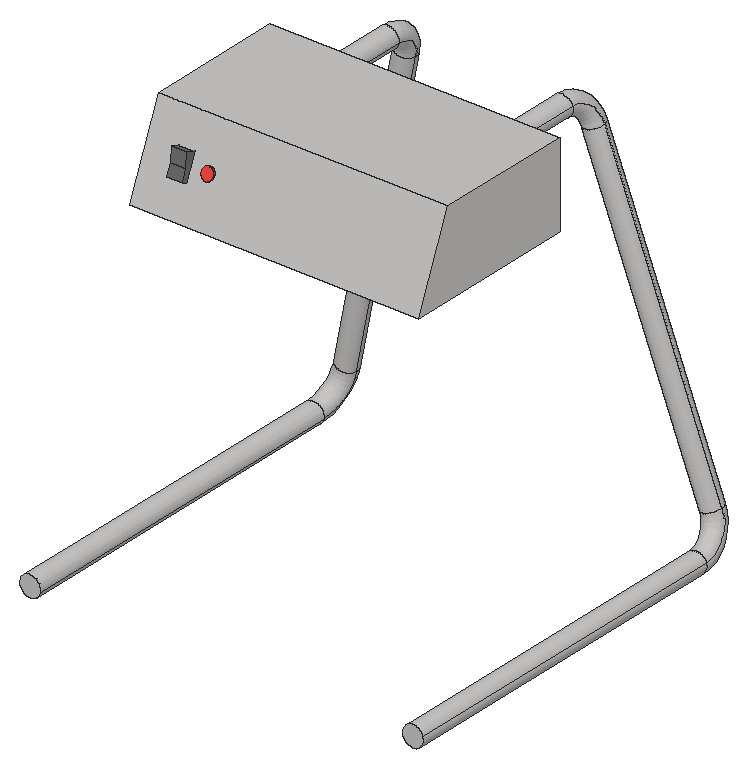
Revit family "QF_GIORIK_LSR4611", category Specialty Equipment, Revit 2014
Parameters (values of type "LSR4611")
  Weight in Pounds = 28.6601
  Watts = 400 W
  Volts = 230 V
  URL Cutsheet = "www.giorik.com"
  URL = "www.giorik.com"
  Status [instance] = ""
  Specification by User [instance] = ""
  Specification by Manufacturer = ""
  Show Logo [instance] = yes
  Show Clearance [instance] = yes
  Serial Number = ""
  Seismic Rating = ""
  SMACNA No = ""
  Revision Code [instance] = ""
  Phase = 1
  Number of Poles [instance] = 1
  NAFEM Spec ID Number = ""
  Model = "LSR4611"
  Min Ckt Ampacity = 0 A
  Max Overcurrent Protection = 0 A
  Masterspec = ""
  Manufacturer = "GIORIK"
  Item Number [instance] = ""
  Installed By [instance] = ""
  Identify Quantity as Lot [instance] = no
  HP = "0.536408000000"
  Furnished By [instance] = ""
  Foodservice Equipment Identifier [instance] = yes
  FL Amps = 0 A
  Electrical Remarks [instance] = ""
  Electric Connection Type [instance] = ""
  Elec Conn RI Height [instance] = 0 mm
  Elec Conn Connection Height [instance] = 1240 mm
  Description = "CHIPS SCUTTLES"
  Cycle = 50 Hz
  Conn Plug = ""
  CSI MasterFormat = ""
  Assembly Code = "E1090320"
  Apparent Power = 400 VA
Reference planes
  plane 1 "Back": y = 0
  plane 2: z = 0
  plane 3 "Left": x = 0
  plane 4 "Right": x = 400
  plane 5 "Front": y = -460
  plane 6 "Top": z = 1280
Forms (mm)
  Extrusion 1, solid
    sketch origin (294.136, -81.693, 20) x (0, 1, 0) y (0, 0, 1)
      loop
        line (-145, 1260) -> (-280, 1260) -> (-315, 1178) -> (-145, 1178) -> (-145, 1260)
    from -234.143 to 45.857
  Extrusion 2, solid
    sketch origin (89.994, -573.726, -4.247) x (0, 0.919724, -0.392565) y (0, 0.392565, 0.919724)
      loop
        line (-309.14, 1207.211) -> (-309.14, 1232.211) -> (-319.14, 1232.211) -> (-314.14, 1218.631) -> (-314.14, 1207.211) -> (-309.14, 1207.211)
    from 0 to 15
  Extrusion 3, solid
    sketch origin (-118.831, -858.459, 116.15) x (1, 0, 0) y (0, 0.392565, 0.919724)
      loop
        circle (241.078, 1220.887) r 6
    from 0 to 1
  Sweep 4, solid
    path origin (-212.761, 0, 29.985) x (0, 1, 0) y (0.258819, 0, 0.965926)
      loop
        line (-459.993, 880) -> (-118.016, 880)
        arc (-118.016, 880) -> (-95.693, 889.957) -> (-88.189, 913.219) r 30
        line (-88.189, 913.219) -> (-123.737, 1242.607)
        arc (-123.737, 1242.607) -> (-133.521, 1261.71) -> (-153.564, 1269.388) r 30
        line (-153.564, 1269.388) -> (-226.693, 1269.388)
    profile origin (15, -289.004, 880) x (0.258819, 0, 0.965926) y (0.965926, 0, -0.258819)
      loop
        circle (0, 0) r 10
  Sweep 5, solid
    path origin (612.748, 0, 29.985) x (0, 1, 0) y (0.258819, 0, -0.965926)
      loop
        line (-459.993, -880) -> (-118.016, -880)
        arc (-118.016, -880) -> (-95.693, -889.957) -> (-88.189, -913.219) r 30
        line (-88.189, -913.219) -> (-123.737, -1242.607)
        arc (-123.737, -1242.607) -> (-133.521, -1261.71) -> (-153.564, -1269.388) r 30
        line (-153.564, -1269.388) -> (-226.693, -1269.388)
    profile origin (384.987, -289.004, 880) x (0.258819, 0, -0.965926) y (-0.965926, 0, -0.258819)
      loop
        circle (0, 0) r 10
  Extrusion 6, solid
    sketch origin (5.484, -176.693, 1.493) x (1, 0, 0) y (0, 0, 1)
      loop
        circle (184.516, 1238.507) r 10
    from 30 to 50
Lines and regions (mm)
  symbolic lines, style "200-EquipInternal-2D"
    curve 1: line (59.994, -226.693, 1280) -> (59.994, -396.693, 1280)
    curve 2: line (339.994, -226.693, 1280) -> (59.994, -226.693, 1280)
    curve 3: line (339.994, -396.693, 1280) -> (339.994, -226.693, 1280)
    curve 4: line (59.994, -396.693, 1280) -> (339.994, -396.693, 1280)
    curve 5: line (25, -459.993, 1280) -> (5.009, -459.993, 1280)
    curve 6: line (394.978, -459.993, 1280) -> (374.987, -459.993, 1280)
    curve 7: line (25, -459.993, 1280) -> (25, -118.235, 1280)
    curve 8: line (26.701, -100.286, 1280) -> (102.937, -132.119, 1280)
    curve 9: arc (26.701, -100.286, 1280) -> (25.426, -109.22, 1280) -> (25, -118.235, 1280) r 95.545
    curve 10: arc (30.176, -80.134, 1280) -> (23.135, -78.073, 1280) -> (16.093, -80.134, 1280) r 13.059
    curve 11: arc (16.093, -80.134, 1280) -> (11.827, -84.087, 1280) -> (9.203, -89.278, 1280) r 16.445
    curve 12: arc (9.203, -89.278, 1280) -> (7.441, -95.085, 1280) -> (6.271, -101.039, 1280) r 60.369
    curve 13: arc (6.271, -101.039, 1280) -> (5.306, -110.037, 1280) -> (5.009, -119.08, 1280) r 122.357
    curve 14: line (5.009, -119.08, 1280) -> (5.009, -459.993, 1280)
    curve 15: line (30.176, -80.134, 1280) -> (113.894, -115.092, 1280)
    curve 16: arc (113.894, -115.092, 1280) -> (117.131, -117.566, 1280) -> (119.604, -120.803, 1280) r 15.372
    curve 17: arc (119.604, -120.803, 1280) -> (121.842, -125.519, 1280) -> (123.335, -130.522, 1280) r 34.14
    curve 18: line (125.769, -226.693, 1280) -> (125.769, -149.848, 1280)
    curve 19: line (125.769, -149.848, 1280) -> (125.071, -139.872, 1280)
    curve 20: line (125.071, -139.872, 1280) -> (123.335, -130.522, 1280)
    curve 21: line (105.773, -226.693, 1280) -> (105.773, -151.518, 1280)
    curve 22: line (105.773, -151.518, 1280) -> (105.667, -148.482, 1280)
    curve 23: arc (102.937, -132.119, 1280) -> (104.267, -136.598, 1280) -> (105.034, -141.206, 1280) r 37.814
    curve 24: arc (105.034, -141.206, 1280) -> (105.381, -144.841, 1280) -> (105.667, -148.482, 1280) r 221.559
    curve 25: line (374.987, -459.993, 1280) -> (394.978, -459.993, 1280)
    curve 26: line (374.987, -459.993, 1280) -> (374.987, -118.235, 1280)
    curve 27: line (373.286, -100.286, 1280) -> (297.051, -132.119, 1280)
    curve 28: arc (373.286, -100.286, 1280) -> (374.561, -109.22, 1280) -> (374.987, -118.235, 1280) r 95.545
    curve 29: arc (369.812, -80.134, 1280) -> (376.853, -78.073, 1280) -> (383.894, -80.134, 1280) r 13.059
    curve 30: arc (383.894, -80.134, 1280) -> (388.161, -84.087, 1280) -> (390.784, -89.278, 1280) r 16.445
    curve 31: arc (390.784, -89.278, 1280) -> (392.546, -95.085, 1280) -> (393.717, -101.039, 1280) r 60.369
    curve 32: arc (393.717, -101.039, 1280) -> (394.681, -110.037, 1280) -> (394.978, -119.08, 1280) r 122.357
    curve 33: line (394.978, -119.08, 1280) -> (394.978, -459.993, 1280)
    curve 34: line (369.812, -80.134, 1280) -> (286.094, -115.092, 1280)
    curve 35: arc (286.094, -115.092, 1280) -> (282.857, -117.566, 1280) -> (280.383, -120.803, 1280) r 15.372
    curve 36: arc (280.383, -120.803, 1280) -> (278.145, -125.519, 1280) -> (276.652, -130.522, 1280) r 34.14
    curve 37: line (274.218, -226.693, 1280) -> (274.218, -149.848, 1280)
    curve 38: line (274.218, -149.848, 1280) -> (274.916, -139.872, 1280)
    curve 39: line (274.916, -139.872, 1280) -> (276.652, -130.522, 1280)
    curve 40: line (294.214, -226.693, 1280) -> (294.214, -151.518, 1280)
    curve 41: line (294.214, -151.518, 1280) -> (294.32, -148.482, 1280)
    curve 42: arc (297.051, -132.119, 1280) -> (295.721, -136.598, 1280) -> (294.953, -141.206, 1280) r 37.814
    curve 43: arc (294.953, -141.206, 1280) -> (294.606, -144.841, 1280) -> (294.32, -148.482, 1280) r 221.559
Dimensions and locks
  plane 3 "Left" to plane 4 "Right" = 400 mm
  plane 5 "Front" to plane 1 "Back" = 460 mm
  plane 4 "Right" to plane 3 "Left" = 400 mm
  plane 1 "Back" to plane 5 "Front" = 460 mm
  plane 6 "Top" to level = 1280 mm  (x2)
  aligned and locked: level to plane 2
Connectors
  electrical at (190, -206.693, 1240), driven by "Apparent Power", driven by "Volts", driven by "Number of Poles"
    settings: on Extrusion 6, index 1, voltage 230 V, apparent load 0 VA, apparent load phase1 400 VA, apparent load phase2 0 VA, apparent load phase3 0 VA, power factor 1, load classification "Other", number of poles 1, system type 31, power factor state 1, is connector primary yes, connector utility no, sub classification motor no, connector description "Electrical connection"
